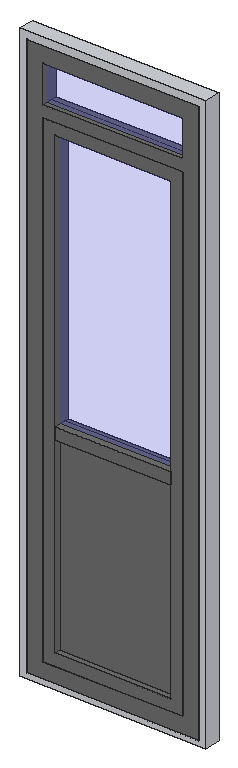
Revit family "AVLN_Балконный блок", category Окна, Revit 2021
Family settings
  Основа = Стена
  Номер OmniClass = 23.30.20.00
  Заголовок OmniClass = Windows
  Всегда вертикально = Да
  При загрузке вырезать с полостями = Нет
  Общий = Нет
  Точка принадлежности помещению = Нет
Parameters (values of type "П_800")
  Ширина среднействорки = 400 mm
  Ширина рамы двери = 50 mm
  Ширина рамы = 70 mm
  Ширина окна = 1800 mm
  Ширина импоста = 50 mm
  Четверть слева/справа = 50 mm
  Четверть окна снизу = 50 mm
  Четверть низ = 0 mm  # constant formula
  Черверть верх = 50 mm
  Фрамуга_Ширина = Width - (Монтажный зазор * 2 + Ширина рамы * 2)  # 600 mm
  Фрамуга_Высота = Height - (Дверь_Высота + Монтажный зазор_Снизу + Монтажный зазор + Ширина рамы * 2 + Ширина импоста)  # 160 mm
  Толщина основы [instance] = 300 mm
  Створка_толщина = 25 mm  # constant formula
  Rough Width = Width - Монтажный зазор * 2  # 740 mm
  Rough Height = Height - Монтажный зазор * 2  # 2440 mm
  Подстановочный профиль_Ширина = 20 mm  # constant formula
  Подстановочный профиль_Толщина = 50 mm
  Подоконник_Толщина = 20 mm
  Подоконник_Длина = Ширина окна + Ширина рамы * 2 + Монтажный зазор  # 1970 mm
  Подоконник_Глубина = 190 mm
  Подоконник = no
  Отступ.доп.части_Н = Ширина окна + Ширина импоста  # 1850 mm
  Отступ.доп.части_В = Ширина окна + Ширина импоста + Монтажный зазор  # 1880 mm
  Отлив_Толщина = 1 mm  # constant formula
  Отлив_Длина = (Ширина окна + Ширина рамы * 2 + Монтажный зазор) - [Четверть слева/справа]  # 1920 mm
  Отлив_Глубина = 200 mm
  Отлив = no
  Открывание фрамуга = АВЛН_Створка открывная : Створка глухая
  Открывание окно = АВЛН_Створка открывная : Створка глухая
  Откос_Н.Ширина = ADSK_Размер_Ширина - 2 * [Четверть слева/справа]  # 700 mm
  Откос_Н.Толщина.8 = 32 mm
  Откос_Н.Толщина.7 = 28 mm
  Откос_Н.Толщина.6 = 24 mm
  Откос_Н.Толщина.5 = 20 mm
  Откос_Н.Толщина.4 = 16 mm
  Откос_Н.Толщина.3 = 12 mm
  Откос_Н.Толщина.2 = 8 mm
  Откос_Н.Толщина.1 = 4 mm
  Откос_Н.Отступ_П = ADSK_Размер_Высота - (Монтажный зазор + 2 * Ширина рамы + Высота окна)  # 130 mm
  Откос_Н.Отступ_Л = Монтажный зазор  # 30 mm
  Откос_Н.Отступ от уровня = Монтажный зазор  # 30 mm
  Откос_Н.Количество слоев = 0
  Откос_Н.Глубина = 150 mm  # constant formula
  Откос_Н.Высота = ADSK_Размер_Высота - Черверть верх  # 2450 mm
  Откос_В.Толщина.8 = 32 mm
  Откос_В.Толщина.7 = 28 mm
  Откос_В.Толщина.6 = 24 mm
  Откос_В.Толщина.5 = 20 mm
  Откос_В.Толщина.4 = 16 mm
  Откос_В.Толщина.3 = 12 mm
  Откос_В.Толщина.2 = 8 mm
  Откос_В.Толщина.1 = 4 mm
  Откос_В.Количество слоев = 0
  Откос_В.Глубина = 130 mm
  Откос.Отступ_П [instance] = ADSK_Размер_Высота - (Монтажный зазор + 2 * Ширина рамы + Высота окна)  # 130 mm
  Откос.Отступ_Л [instance] = 0 mm
  Определить тепловые свойства по = Тип схем
  Монтажный зазор_Снизу = 20 mm
  Монтажный зазор = 30 mm
  М.Стекла = Стекло
  М.Рамы = AVLN_Материал импоста_RAL 7024
  М.Подоконный профиль = Рама
  М.Подоконник = none
  М.Откос_Н.8 = none
  М.Откос_Н.7 = none
  М.Откос_Н.6 = none
  М.Откос_Н.5 = none
  М.Откос_Н.4 = none
  М.Откос_Н.3 = none
  М.Откос_Н.2 = none
  М.Откос_Н.1 = Штукатурка наружных откосов
  М.Откос_В.8 = none
  М.Откос_В.7 = none
  М.Откос_В.6 = none
  М.Откос_В.5 = none
  М.Откос_В.4 = none
  М.Откос_В.3 = none
  М.Откос_В.2 = none
  М.Откос_В.1 = Штукатурка внутренних откосов
  М.Монтажного зазора = none
  Type Comments = ""
  Ипост высота = 900 mm
  Дверь_Ширина = 740 mm
  Дверь_Высота = 2100 mm
  Дверь.Открывание.Право = yes
  Дверь.Открывание.Лево = not(Дверь.Открывание.Право)  # no
  Дверь.Откидывание = yes
  Дверь заполнение = АВЛН_Дверь балконная : Глухое заполнение снизу
  Глубина вставки = 0 mm
  Высота установки ручки.Дверь = 900 mm
  Высота подоконника по умолчанию = 0 mm
  Высота окна = 2200 mm
  Height = 2500 mm
  Замыкание стены = По основе
  Width = 800 mm
  Аналитическая конструкция = "<Нет>"
  АВЛН_Площаль откосов наружных = (ADSK_Размер_Высота * 2 + ADSK_Размер_Ширина) * 150 mm  # 0.87 m²
  АВЛН_Площаль откосов внутренних = (ADSK_Размер_Высота * 2 + ADSK_Размер_Ширина) * 180 mm  # 1.044 m²
  ADSK_Этаж [instance] = ""
  ADSK_Размер_Ширина = Width  # 800 mm
  ADSK_Размер_Высота = Height  # 2500 mm
  ADSK_Примечание [instance] = ""
  ADSK_Обозначение = "ГОСТ 30674-99 ГОСТ 30970-2014"
  ADSK_Номер секции [instance] = ""
  ADSK_Наименование = ""
  ADSK_Марка = "ДБ-1"
  ADSK_Группирование = ""
  30/90 = yes
  -----------Разрезка----------- = "-----------"  # constant formula
  -----------Профили----------- = "-----------"  # constant formula
  -----------Подоконник----------- = "-----------"  # constant formula
  -----------Отлив----------- = "-----------"  # constant formula
  -----------Откос----------- = "-----------"  # constant formula
  -----------Основные габариты----------- = "-----------"  # constant formula
  -----------Вставка----------- = "-----------"  # constant formula
Types (2, lengths in mm): name | Фрамуга_Высота | Монтажный зазор_Снизу | М.Стекла | Дверь.Открывание.Право | Дверь.Открывание.Лево | Дверь заполнение
  П_800 | 160 | 20 | Стекло | yes | no | АВЛН_Дверь балконная : Глухое заполнение снизу
  Л_800х2500(h) | 150 | 30 | AVLN_Остекление окон и дверей | no | yes | АВЛН_Дверь балконная : Заполнение стеклом разделенное
Reference planes
  plane 1 "По центру (Вперед/Назад)": y = 0
  plane 2 "По центру (Влево/Вправо)": x = 0
  plane 3 "Наружный": y = 150
  plane 4 "Внутренние": y = -150
  plane 5 "Окно": y = 150
  plane 6: y = 450
  plane 7: y = -450
  plane 8 "Внутренняя граница": y = 80
  plane 9 "336": x = 400
  plane 10 "339": z = 2500
  plane 11: z = 2470
  plane 12: x = 370
  plane 13: z = 20
  plane 14: x = 350
  plane 15: z = 1140
  plane 16: z = 2450
  plane 17 "340": z = 0
  plane 18: z = 2400
  plane 19: x = -300
  plane 20: x = -370
  plane 21: x = -400
  plane 22: x = -350
  plane 23 "343": x = 300
  plane 24: z = 2190
  plane 25: z = 90
  plane 26: z = 2240
  plane 27: z = 2320
Forms (mm)
  Extrusion 1, void
    sketch origin (0, 150, 0) x (1, 0, 0) y (0, 0, 1)
      loop
        line (400, 2500) -> (-400, 2500) -> (-400, 0) -> (400, 0) -> (400, 2500)
    from 0 to 600
  Extrusion 2, void
    sketch origin (-1890, 150, 0) x (-1, 0, 0) y (0, 0, -1)
      loop
        line (-1540, -2450) -> (-1540, 0) -> (-2240, 0) -> (-2240, -2450) -> (-1540, -2450)
    from -300 to 0
  Extrusion 3, solid, material "AVLN_Материал импоста_RAL 7024" <- "М.Рамы", detail levels medium+fine
    sketch origin (-1890, 150, 0) x (-1, 0, 0) y (0, 0, -1)
      loop
        line (-1520, -20) -> (-2260, -20) -> (-2260, -2470) -> (-1520, -2470) -> (-1520, -20)
      loop
        line (-2190, -90) -> (-2190, -2190) -> (-1590, -2190) -> (-1590, -90) -> (-2190, -90)
      loop
        line (-1590, -2400) -> (-1590, -2240) -> (-2190, -2240) -> (-2190, -2400) -> (-1590, -2400)
    from 0 to 70
  Extrusion 4, solid, material <- "М.Монтажного зазора", detail levels medium+fine
    sketch origin (-1890, -150, 0) x (-1, 0, 0) y (0, 0, -1)
      loop
        line (-2290, 0) -> (-2290, -2500) -> (-1490, -2500) -> (-1490, 0) -> (-2290, 0)
      loop
        line (-1520, -2470) -> (-1520, -20) -> (-2260, -20) -> (-2260, -2470) -> (-1520, -2470)
    from -300 to -230
Cuts and joins
  Extrusion 2 cuts Extrusion 3
  Extrusion 2 cuts Extrusion 4
Lines and regions (mm)
  reference lines
    curve 1: line (400, -150, 2215) -> (-350, -150, 2215)
    curve 2: line (400, -150, 990) -> (-350, -150, 990)
Text (mm)
  text "EXTERIOR" at (-1963.203, 1332.353, 0), in view "Опорный уровень"
  text "INTERIOR" at (-1981.466, -818.386, 0), in view "Опорный уровень"
  text "Наружный" at (0, 923.751, 2943.296), in view "Справа"
  text "Наружный" at (0, 1240.237, 2685.409), in view "Слева"
Dimensions and locks
  locked: plane 3 "Наружный" to host wall
  locked: plane 4 "Внутренние" to host wall
  "Глубина вставки": plane 5 "Окно" to plane 3 "Наружный"
  locked: plane 3 "Наружный" to plane 6 at 300
  locked: plane 7 to plane 4 "Внутренние" at 300
  "Ширина рамы": plane 5 "Окно" to plane 8 "Внутренняя граница"
  "Толщина основы": host wall to host wall
  "ADSK_Размер_Высота": level to plane 10 "339"
  "Монтажный зазор": plane 9 "336" to plane 12
  "Монтажный зазор": plane 11 to plane 10 "339"
  "Четверть слева/справа": plane 9 "336" to plane 14
  "Черверть верх": plane 16 to plane 10 "339"
  "Ширина рамы": plane 18 to plane 11
  "Монтажный зазор": plane 20 to plane 21
  "Ширина рамы": plane 19 to plane 20
  "Четверть слева/справа": plane 22 to plane 21
  "Ширина рамы": plane 12 to plane 23 "343"
  equal spacing: plane 23 "343", plane 2 "По центру (Влево/Вправо)", plane 19
  equal spacing: plane 24, plane 15, plane 25
  "Ширина рамы": plane 25 to plane 13
  "Ширина импоста": plane 26 to plane 24
  equal spacing: plane 26, curve 1, plane 24
  equal spacing: plane 18, plane 27, plane 26
  "Дверь_Высота": plane 24 to plane 25
  "Width": plane 9 "336" to plane 21
  level to plane 15 to plane 10 "339" = 1140 mm, 1360 mm
  "Монтажный зазор_Снизу": level to plane 13
  aligned and locked: plane 5 "Окно" to Extrusion 1
  aligned and locked: Extrusion 1 to plane 7
  aligned and locked: Extrusion 2 sketch curve to plane 14
  aligned and locked: plane 16 to Extrusion 2 sketch curve
  aligned and locked: Extrusion 2 sketch curve to plane 17 "340"
  aligned and locked: Extrusion 2 sketch curve to plane 22
  aligned and locked: Extrusion 3 sketch curve to plane 20
  aligned and locked: plane 13 to Extrusion 3 sketch curve
  aligned and locked: Extrusion 3 sketch curve to plane 12
  aligned and locked: plane 11 to Extrusion 3 sketch curve
  aligned and locked: Extrusion 3 sketch curve to plane 19
  aligned and locked: Extrusion 4 sketch curve to plane 9 "336"
  aligned and locked: Extrusion 4 sketch curve to plane 17 "340"
  aligned and locked: plane 21 to Extrusion 4 sketch curve
  aligned and locked: plane 10 "339" to Extrusion 4 sketch curve
  aligned and locked: Extrusion 4 sketch curve to plane 11
  aligned and locked: Extrusion 4 sketch curve to plane 12
  aligned and locked: plane 13 to Extrusion 4 sketch curve
  aligned and locked: Extrusion 4 sketch curve to plane 20
  aligned and locked: plane 23 "343" to Extrusion 3
  aligned and locked: Extrusion 3 to plane 25
  aligned and locked: curve 1 to plane 9 "336"
  aligned and locked: nested 4 to plane 12
  aligned and locked: nested 3 to plane 22
  aligned and locked: Extrusion 1 sketch curve to plane 10 "339"
  aligned and locked: plane 9 "336" to Extrusion 1 sketch curve
  aligned and locked: Extrusion 1 sketch curve to plane 17 "340"
  aligned and locked: plane 27 to nested 5
  aligned and locked: plane 21 to Extrusion 1 sketch curve
  aligned and locked: nested 4 to plane 8 "Внутренняя граница"
  aligned and locked: plane 8 "Внутренняя граница" to nested 3
  aligned and locked: Extrusion 2 to plane 5 "Окно"
  aligned and locked: Extrusion 3 to plane 8 "Внутренняя граница"
  aligned and locked: plane 5 "Окно" to Extrusion 3
  aligned and locked: plane 5 "Окно" to Extrusion 4
  aligned and locked: Extrusion 4 to plane 8 "Внутренняя граница"
  aligned and locked: Extrusion 2 to plane 22
  aligned and locked: plane 14 to Extrusion 2
  aligned and locked: plane 6 to Extrusion 2
  aligned and locked: plane 15 to nested 6
  aligned and locked: plane 2 "По центру (Влево/Вправо)" to nested 6
  aligned and locked: nested 7 to plane 2 "По центру (Влево/Вправо)"
  aligned and locked: plane 10 "339" to nested 7
Automatic sketch dimensions
  curve 2 to plane 9 "336" = 0 mm
  Extrusion 3 sketch curve to plane 23 "343" = 0 mm  (x2)
  Extrusion 3 sketch curve to plane 19 = 0 mm
  plane 24 to curve 1 = 25 mm
  Extrusion 3 sketch curve to plane 25 = 0 mm
  Extrusion 3 sketch curve to plane 24 = 0 mm
  Extrusion 3 sketch curve to plane 26 = 0 mm
  Extrusion 3 sketch curve to plane 18 = 0 mm
  curve 2 to plane 15 = 150 mm
  curve 1 to plane 22 = 0 mm
  curve 2 to plane 22 = 0 mm
Nested families
  nested 1: "AVLN_Откосы_R19" at (-1790, -100, 0), Ширина <- "ADSK_Размер_Ширина", Глубина <- "Откос_В.Глубина", Высота <- "ADSK_Размер_Высота", Высота от уровня <- "Высота подоконника по умолчанию", ADSK_Группирование <- "Type Comments", ADSK_Этаж <- "ADSK_Этаж", ADSK_Номер секции <- "ADSK_Номер секции", Материал_1 <- "М.Откос_В.1", Материал_2 <- "М.Откос_В.2", Материал_3 <- "М.Откос_В.3", Материал_4 <- "М.Откос_В.4", Материал_5 <- "М.Откос_В.5", Материал_6 <- "М.Откос_В.6", Материал_7 <- "М.Откос_В.7", Материал_8 <- "М.Откос_В.8", Толщина_1 <- "Откос_В.Толщина.1", Толщина_2 <- "Откос_В.Толщина.2", Толщина_3 <- "Откос_В.Толщина.3", Толщина_4 <- "Откос_В.Толщина.4", Толщина_5 <- "Откос_В.Толщина.5", Толщина_6 <- "Откос_В.Толщина.6", Толщина_7 <- "Откос_В.Толщина.7", Толщина_8 <- "Откос_В.Толщина.8", Количество слоев <- "Откос_В.Количество слоев", Отступ_Л <- "Откос.Отступ_П", Отступ_П <- "Откос.Отступ_Л", Отступ.доп.части <- "Отступ.доп.части_В", type "AVLN_Откосы_R19"
    with Ширина_8 576 mm, Ширина_7 632 mm, Ширина_6 680 mm, Ширина_5 720 mm, Ширина_4 752 mm, Ширина_3 776 mm, Ширина_2 792 mm, Ширина 800 mm, Толщина_8 32 mm, Толщина_7 28 mm, Толщина_6 24 mm, Толщина_5 20 mm, Толщина_4 16 mm, Толщина_3 12 mm, Толщина_2 8 mm, Толщина_1 4 mm, Отступ_П 0 mm, Отступ_Л 130 mm, Отступ.доп.части 1880 mm, Материал_8 none, Материал_7 none, Материал_6 none, Материал_5 none, Материал_4 none, Материал_3 none, Материал_2 none, Материал_1 Штукатурка внутренних откосов, Количество слоев 0, Глубина 130 mm, Высота_8 2388 mm, Высота_7 2416 mm, Высота_6 2440 mm, Высота_5 2460 mm, Высота_4 2476 mm, Высота_3 2488 mm, Высота_2 2496 mm, Высота.доп.части 0 mm, Высота от уровня 0 mm, Высота 2500 mm, Видимость_8 no, Видимость_7 no, Видимость_6 no, Видимость_5 no, Видимость_4 no, Видимость_3 no, Видимость_2 no, Видимость_1 no, Видимость.доп.части yes, ВД.8 no, ВД.7 no, ВД.6 no, ВД.5 no, ВД.4 no, ВД.3 no, ВД.2 no, ВД.1 no, ADSK_Этаж "", ADSK_Номер секции "", ADSK_Группирование ""
  nested 2: "AVLN_Откосы_R19" at (-1790, 100, 0), Ширина <- "Откос_Н.Ширина", Глубина <- "Откос_Н.Глубина", Высота <- "Откос_Н.Высота", Высота от уровня <- "Откос_Н.Отступ от уровня", ADSK_Группирование <- "Type Comments", ADSK_Этаж <- "ADSK_Этаж", ADSK_Номер секции <- "ADSK_Номер секции", Материал_1 <- "М.Откос_Н.1", Материал_2 <- "М.Откос_Н.2", Материал_3 <- "М.Откос_Н.3", Материал_4 <- "М.Откос_Н.4", Материал_5 <- "М.Откос_Н.5", Материал_6 <- "М.Откос_Н.6", Материал_7 <- "М.Откос_Н.7", Материал_8 <- "М.Откос_Н.8", Толщина_1 <- "Откос_Н.Толщина.1", Толщина_2 <- "Откос_Н.Толщина.2", Толщина_3 <- "Откос_Н.Толщина.3", Толщина_4 <- "Откос_Н.Толщина.4", Толщина_5 <- "Откос_Н.Толщина.5", Толщина_6 <- "Откос_Н.Толщина.6", Толщина_7 <- "Откос_Н.Толщина.7", Толщина_8 <- "Откос_Н.Толщина.8", Количество слоев <- "Откос_Н.Количество слоев", Отступ_Л <- "Откос_Н.Отступ_П", Отступ_П <- "Откос_Н.Отступ_Л", Отступ.доп.части <- "Отступ.доп.части_Н", type "AVLN_Откосы_R19"
    with Ширина_8 476 mm, Ширина_7 532 mm, Ширина_6 580 mm, Ширина_5 620 mm, Ширина_4 652 mm, Ширина_3 676 mm, Ширина_2 692 mm, Ширина 700 mm, Толщина_8 32 mm, Толщина_7 28 mm, Толщина_6 24 mm, Толщина_5 20 mm, Толщина_4 16 mm, Толщина_3 12 mm, Толщина_2 8 mm, Толщина_1 4 mm, Отступ_П 30 mm, Отступ_Л 130 mm, Отступ.доп.части 1850 mm, Материал_8 none, Материал_7 none, Материал_6 none, Материал_5 none, Материал_4 none, Материал_3 none, Материал_2 none, Материал_1 Штукатурка наружных откосов, Количество слоев 0, Глубина 150 mm, Высота_8 2338 mm, Высота_7 2366 mm, Высота_6 2390 mm, Высота_5 2410 mm, Высота_4 2426 mm, Высота_3 2438 mm, Высота_2 2446 mm, Высота.доп.части 0 mm, Высота от уровня 30 mm, Высота 2450 mm, Видимость_8 no, Видимость_7 no, Видимость_6 no, Видимость_5 no, Видимость_4 no, Видимость_3 no, Видимость_2 no, Видимость_1 no, Видимость.доп.части yes, ВД.8 no, ВД.7 no, ВД.6 no, ВД.5 no, ВД.4 no, ВД.3 no, ВД.2 no, ВД.1 no, ADSK_Этаж "", ADSK_Номер секции "", ADSK_Группирование ""
  nested 3: "АС-Обозначение на плане двупольная" at (-350, 80, 0) x (-1, 0, 0) z (0, 0, 1), Коробка.Толщина <- "Ширина рамы", Коробка.Ширина <- "Ширина импоста", Rough Width <- "Дверь_Ширина", Height <- "Дверь_Высота", visible <- "Дверь.Открывание.Лево", type "АС-Стандарт"
    with Width 791 mm, built-in parameter 1001302 50 mm, Rough Width 740 mm, Монтажный зазор.Ширина сбоку 1 mm, Коробка.Ширина 50 mm, Коробка.Толщина 70 mm, Height 2100 mm
  nested 4: "АС-Обозначение на плане двупольная" at (370, 80, 0), Коробка.Толщина <- "Ширина рамы", Коробка.Ширина <- "Ширина импоста", Rough Width <- "Дверь_Ширина", Height <- "Дверь_Высота", visible <- "Дверь.Открывание.Право", type "АС-Стандарт"
    with Width 791 mm, built-in parameter 1001302 50 mm, Rough Width 740 mm, Монтажный зазор.Ширина сбоку 1 mm, Коробка.Ширина 50 mm, Коробка.Толщина 70 mm, Height 2100 mm
  nested 5: "АВЛН_Створка открывная" at (0, 80, 2320) x (1, 0, 0) z (0, 1, 0), Створка высота <- "Фрамуга_Высота", Створка ширина <- "Фрамуга_Ширина", Ширина рамы <- "Створка_толщина", type <- "Открывание фрамуга", Материал_Рама <- "М.Рамы", Материал_Стеклопакет <- "М.Стекла", Материал_Ручки <- "М.Рамы", type "Створка глухая", detail levels medium+fine
    with Ширина рамы 25 mm, Створка ширина 600 mm, Створка высота 160 mm, Материал_Стеклопакет Стекло, Материал_Ручки AVLN_Материал импоста_RAL 7024, Материал_Рама AVLN_Материал импоста_RAL 7024
  nested 6: "АВЛН_Дверь балконная" at (0, 150, 1140) x (-1, 0, 0) z (0, -1, 0), Дверь высота <- "Дверь_Высота", Дверь ширина <- "Фрамуга_Ширина", Ручка высота <- "Высота установки ручки.Дверь", Импост высота <- "Ипост высота", Импост ширина <- "Ширина импоста", Корбка толщина <- "Ширина рамы двери", type <- "Дверь заполнение", Правая <- "Дверь.Открывание.Лево", Левая <- "Дверь.Открывание.Право", Откидная <- "Дверь.Откидывание", М.ПП <- "М.Рамы", М.Р <- "М.Рамы", М.С <- "М.Стекла", type "Глухое заполнение снизу", detail levels medium+fine
    with Ручка высота 900 mm, Правая no, Откидная yes, М.С Стекло, М.Р AVLN_Материал импоста_RAL 7024, М.ПП AVLN_Материал импоста_RAL 7024, Левая yes, Корбка толщина 50 mm, Импост ширина 50 mm, Импост высота 900 mm, Дверь ширина 600 mm, Дверь высота 2100 mm, Width 740 mm
  nested 7: "AVLN_Обозначение проема" at (0, 150, 1250) x (0, 0, -1) z (0, -1, 0), ADSK_Размер_Высота <- "ADSK_Размер_Ширина", ADSK_Размер_Ширина <- "ADSK_Размер_Высота", type "AVLN_Обозначение проема", detail levels coarse
    with ADSK_Размер_Ширина 2500 mm, ADSK_Размер_Высота 800 mm
Definition of nested family "АВЛН_Створка открывная"
  Parameters (values of type "Створка повороно-откидная правая")
    Ширина рамы [instance] = 50 mm
    Width = 600 mm
    Створка ширина [instance] = 800 mm
    Створка высота [instance] = 700 mm
    Материал_Стеклопакет [instance] = none
    Поворотная Правая = yes
    Поворотная Левая = no
    Default Elevation = 1219.2 mm
    Открываная = yes
    Откидная = yes
    Материал_Ручки [instance] = none
    Материал_Рама [instance] = none
    Левая = yes
    Глухое = no
    Height = 1150 mm
    Analytic Construction = "<Нет>"
  Types (6, lengths in mm): name | Width | Поворотная Правая | Поворотная Левая | Открываная | Откидная | Глухое | Height
    Створка повороно-откидная правая | 600 | yes | no | yes | yes | no | 1150
    Створка повороно-откидная левая | 600 | no | yes | yes | yes | no | 1150
    Створка глухая | 600 | no | no | no | no | yes | 1150
    Створка откидная | 1300 | no | no | yes | yes | no | 1700
    Створка поворотная правая | 600 | yes | no | yes | no | no | 1150
    Створка поворотная левая | 600 | no | yes | yes | no | no | 1150
  Reference planes
    plane 1 "По центру (Вперед/Назад)": y = 0
    plane 2 "Внутрення грань": z = 0
    plane 3 "По центру (Влево/Вправо)": x = 0
    plane 4: y = 350
    plane 5: x = 400
    plane 6: y = -350
    plane 7: x = -400
    plane 8 "Наружняя грань": z = 60.433
    plane 9 "По центру Л/Р": z = 30.216
  Forms (mm)
    Extrusion 1, solid
      sketch origin (0, 0, 0) x (1, 0, 0) y (0, 1, 0)
        loop
          line (-1219.2, 1219.2) -> (-1219.2, -1219.2) -> (1219.2, -1219.2) -> (1219.2, 1219.2) -> (-1219.2, 1219.2)
      from 0 to -304.8
    Sweep 2, solid, material <- "Материал_Рама", visible <- "Открываная"
      path origin (0, 0, 0) x (1, 0, 0) y (0, 1, 0)
        loop
          line (400, 350) -> (-400, 350) -> (-400, -350) -> (400, -350) -> (400, 350)
      profile origin (0, 350, 0) x (0, -1, 0) y (0, 0, 1)
        loop
          line (0, 0) -> (50, 0) -> (50, 60.433) -> (0, 60.433) -> (0, 0)
    Extrusion 3, solid, material <- "Материал_Стеклопакет", visible <- "Открываная"
      sketch origin (0, 0, 0) x (1, 0, 0) y (0, 1, 0)
        loop
          line (-350, 300) -> (-350, -300) -> (350, -300) -> (350, 300) -> (-350, 300)
      from 17.481 to 42.952
    Extrusion 4, solid, material <- "Материал_Стеклопакет", visible <- "Глухое"
      sketch origin (0, 0, 0) x (1, 0, 0) y (0, 1, 0)
        loop
          line (-400, 350) -> (-400, -350) -> (400, -350) -> (400, 350) -> (-400, 350)
      from 17.481 to 42.952
  Lines and regions (mm)
    model lines, visible <- "Глухое", detail levels medium+fine
      curve 1: line (0, 50, 60.433) -> (0, -50, 60.433)
      curve 2: line (50, 0, 60.433) -> (-50, 0, 60.433)
      curve 17: line (0, 50, 0) -> (0, -50, 0)
      curve 18: line (50, 0, 0) -> (-50, 0, 0)
    model lines, visible <- "Глухое", not visible, detail levels medium+fine
      curve 3: line (60, 38.001, 60.433) -> (60, -61.999, 60.433)
      curve 4: line (110, -11.999, 60.433) -> (10, -11.999, 60.433)
    model lines, visible <- "Поворотная Правая", detail levels medium+fine
      curve 5: line (400, 350, 0) -> (-400, 0, 0)
      curve 6: line (400, -350, 0) -> (-400, 0, 0)
      curve 13: line (400, 350, 60.433) -> (-400, 0, 60.433)
      curve 14: line (400, -350, 60.433) -> (-400, 0, 60.433)
    model lines, visible <- "Откидная", detail levels medium+fine
      curve 7: line (-400, -350, 0) -> (0, 350, 0)
      curve 8: line (0, 350, 0) -> (400, -350, 0)
      curve 15: line (-400, -350, 60.433) -> (0, 350, 60.433)
      curve 16: line (0, 350, 60.433) -> (400, -350, 60.433)
    model lines, visible <- "Поворотная Левая", detail levels medium+fine
      curve 9: line (-400, 350, 0) -> (400, 0, 0)
      curve 10: line (-400, -350, 0) -> (400, 0, 0)
      curve 11: line (-400, 350, 60.433) -> (400, 0, 60.433)
      curve 12: line (-400, -350, 60.433) -> (400, 0, 60.433)
  Dimensions and locks
    "Створка высота": plane 4 to plane 6
    "Створка ширина": plane 7 to plane 5
    equal spacing: plane 7, plane 3 "По центру (Влево/Вправо)", plane 5
    equal spacing: plane 6, plane 1 "По центру (Вперед/Назад)", plane 4
    plane 2 "Внутрення грань" to plane 8 "Наружняя грань" = 60.433 mm
    level to Extrusion 4 = 42.952 mm
    plane 8 "Наружняя грань" to level = 60.433 mm
    equal spacing: Extrusion 3, plane 9 "По центру Л/Р", Extrusion 3
    equal spacing: plane 8 "Наружняя грань", plane 9 "По центру Л/Р", level
    Extrusion 3 to Extrusion 3 = 25.471 mm
    "Ширина рамы": profile plane to Sweep 2 sketch curve
    equal spacing: Extrusion 4, plane 9 "По центру Л/Р", Extrusion 4, locked at 12.735 each
    locked: Extrusion 4 to Extrusion 4 at 25.471
    equal spacing: Sweep 2, nested 1, Sweep 2
    equal spacing: Sweep 2, nested 2, Sweep 2
    aligned and locked: plane 2 "Внутрення грань" to Extrusion 1
    aligned and locked: level to Extrusion 1
    aligned and locked: plane 4 to Sweep 2 sketch curve
    aligned and locked: plane 5 to Sweep 2 sketch curve
    aligned and locked: plane 6 to Sweep 2 sketch curve
    aligned and locked: Sweep 2 sketch curve to plane 7
    aligned and locked: Extrusion 3 sketch curve to Sweep 2  (x4)
    aligned and locked: Extrusion 4 sketch curve to Sweep 2  (x3)
    aligned and locked: Extrusion 4 sketch curve to plane 5
    aligned and locked: Sweep 2 sketch curve to plane 8 "Наружняя грань"
    aligned and locked: plane 6 to Extrusion 4
    aligned and locked: plane 4 to Extrusion 4
    aligned and locked: curve 2 to plane 1 "По центру (Вперед/Назад)"
    aligned and locked: curve 1 to plane 3 "По центру (Влево/Вправо)"
    aligned and locked: curve 18 to plane 1 "По центру (Вперед/Назад)"
    aligned and locked: curve 17 to plane 3 "По центру (Влево/Вправо)"
    aligned and locked: nested 2 to plane 1 "По центру (Вперед/Назад)"
    aligned and locked: nested 1 to plane 1 "По центру (Вперед/Назад)"
  Automatic sketch dimensions
    Extrusion 1 sketch curve to Extrusion 1 sketch curve = 2438.4 mm  (x2)
    plane 1 "По центру (Вперед/Назад)" to curve 5 = 0 mm
    curve 5 to plane 7 = 0 mm
    curve 9 to plane 4 = 0 mm
    curve 9 to plane 7 = 0 mm
    plane 6 to curve 7 = 0 mm
    curve 7 to plane 7 = 0 mm
    curve 7 to plane 3 "По центру (Влево/Вправо)" = 0 mm
    curve 6 to plane 5 = 0 mm
    plane 1 "По центру (Вперед/Назад)" to curve 9 = 0 mm
    curve 9 to plane 5 = 0 mm
    curve 5 to plane 4 = 0 mm
    curve 5 to plane 5 = 0 mm
    plane 6 to curve 8 = 0 mm
    curve 8 to plane 4 = 0 mm
    curve 11 to plane 4 = 0 mm
    curve 11 to plane 7 = 0 mm
    plane 6 to curve 15 = 0 mm
    curve 15 to plane 7 = 0 mm
    plane 1 "По центру (Вперед/Назад)" to curve 14 = 0 mm
    curve 14 to plane 7 = 0 mm
    curve 15 to plane 3 "По центру (Влево/Вправо)" = 0 mm
    plane 1 "По центру (Вперед/Назад)" to curve 11 = 0 mm
    curve 11 to plane 5 = 0 mm
    curve 14 to plane 5 = 0 mm
    curve 13 to plane 4 = 0 mm
    curve 13 to plane 5 = 0 mm
    plane 6 to curve 14 = 0 mm
    curve 15 to plane 4 = 0 mm
    plane 1 "По центру (Вперед/Назад)" to curve 2 = 0 mm
    curve 1 to plane 3 "По центру (Влево/Вправо)" = 0 mm
    curve 2 to plane 3 "По центру (Влево/Вправо)" = 50 mm
    plane 3 "По центру (Влево/Вправо)" to curve 2 = 50 mm
    plane 1 "По центру (Вперед/Назад)" to curve 1 = 50 mm
    curve 1 to plane 1 "По центру (Вперед/Назад)" = 50 mm
    curve 18 to curve 17 = 50 mm
    curve 17 to curve 18 = 50 mm
    plane 1 "По центру (Вперед/Назад)" to curve 17 = 50 mm
    curve 17 to plane 1 "По центру (Вперед/Назад)" = 50 mm
    Sweep 2 sketch curve to level = 0 mm
    Sweep 2 sketch curve to profile plane = 0 mm
  Nested families
    nested 1: "АВЛН_Ручка" at (375, 1040, 0) x (1, 0, 0) z (0, -1, 0), visible <- "Поворотная Левая", Материал дверной ручки <- "Материал_Рама", type "АВЛН_Ручка", detail levels fine
      with Материал дверной ручки none, Высота расположения дверной ручки 1040 mm
    nested 2: "АВЛН_Ручка" at (-375, 1040, 0) x (1, 0, 0) z (0, -1, 0), visible <- "Поворотная Правая", Материал дверной ручки <- "Материал_Рама", type "АВЛН_Ручка", detail levels fine
      with Материал дверной ручки none, Высота расположения дверной ручки 1040 mm
  Definition of nested family "АВЛН_Ручка"
    Parameters (values of type "АВЛН_Ручка")
      Default Elevation = 1219.2 mm
      Материал дверной ручки [instance] = none
      Высота расположения дверной ручки [instance] = 1040 mm
      Analytic Construction = "<Нет>"
      b = 25 mm
      a = 75 mm
    Reference planes
      plane 1 "По центру (Вперед/Назад)": y = 0
      plane 2: z = 0
      plane 3 "По центру (Влево/Вправо)": x = 0
      plane 4: z = 1040
      plane 5: x = 12.5
      plane 6: x = -12.5
      plane 7: z = 1002.5
      plane 8: z = 1077.5
      plane 9: y = -15
    Forms (mm)
      Extrusion 1, solid, material <- "Материал дверной ручки"
        sketch origin (0, 0, 2080) x (-1, 0, 0) y (0, 0, -1)
          loop
            arc (-2.5, 1077.5) -> (-9.571, 1074.571) -> (-12.5, 1067.5) r 10
            line (-12.5, 1067.5) -> (-12.5, 1012.5)
            arc (-12.5, 1012.5) -> (-9.571, 1005.429) -> (-2.5, 1002.5) r 10
            line (-2.5, 1002.5) -> (2.5, 1002.5)
            arc (2.5, 1002.5) -> (9.571, 1005.429) -> (12.5, 1012.5) r 10
            line (12.5, 1012.5) -> (12.5, 1067.5)
            arc (12.5, 1067.5) -> (9.571, 1074.571) -> (2.5, 1077.5) r 10
            line (2.5, 1077.5) -> (-2.5, 1077.5)
        from 0 to 15
      Sweep 2, solid, material <- "Материал дверной ручки"
        path origin (-1040, 0, 1040) x (0, 0, -1) y (0, 1, 0)
          loop
            line (0, -15) -> (0, -38.261)
            arc (0, -38.261) -> (-2.929, -45.332) -> (-10, -48.261) r 10
            line (-10, -48.261) -> (-130, -48.261)
        profile origin (-1040, -26.63, 1040) x (0, 0, -1) y (1, 0, 0)
          loop
            circle (0, 1040) r 8
    Dimensions and locks
      "Высота расположения дверной ручки": plane 4 to level
      "a": plane 7 to plane 8
      "b": plane 6 to plane 5
      plane 6 to plane 5 = 25 mm
      locked: plane 1 "По центру (Вперед/Назад)" to plane 9 at 15
      plane 7 to plane 8 = 75 mm
      aligned and locked: level to plane 2
      aligned and locked: Extrusion 1 sketch curve to plane 7
      aligned and locked: plane 5 to Extrusion 1 sketch curve
      aligned and locked: plane 8 to Extrusion 1 sketch curve
      aligned and locked: Extrusion 1 sketch curve to plane 6
      aligned and locked: Extrusion 1 to plane 1 "По центру (Вперед/Назад)"
    Automatic sketch dimensions
      Sweep 2 sketch curve to plane 9 = 0 mm
      plane 4 to Sweep 2 sketch curve = 10 mm
      plane 9 to Sweep 2 sketch curve = 23.261 mm
      Sweep 2 sketch curve to Sweep 2 sketch curve = 120 mm
      Sweep 2 sketch curve to profile plane = 0 mm
      profile plane to Sweep 2 sketch curve = 1040 mm
      Sweep 2 sketch curve to plane 4 = 0 mm
      plane 3 "По центру (Влево/Вправо)" to Extrusion 1 sketch curve = 2.5 mm  (x2)
      Extrusion 1 sketch curve to plane 3 "По центру (Влево/Вправо)" = 2.5 mm  (x2)
      radius of Sweep 2 sketch curve = 8 mm
Definition of nested family "АВЛН_Дверь балконная"
  Parameters (values of type "Заполнение стеклом сплошное")
    Width = 0 mm
    Стекло заполнение сверху = no
    Стекло сплошное заполнение = yes
    Ручка высота [instance] = 985 mm
    Правая [instance] = no
    Default Elevation = 0 mm
    Откидная [instance] = no
    М.С [instance] = none
    М.Р [instance] = none
    М.ПП [instance] = none
    Левая [instance] = no
    Корбка толщина [instance] = 25 mm
    Импост ширина [instance] = 50 mm
    Импост высота [instance] = 900 mm
    Импост = no
    Дверь ширина [instance] = 800 mm
    Дверь высота [instance] = 2100 mm
    Глухое заполнение снизу = no
    Height = 0 mm
    Analytic Construction = "<Нет>"
  Types (3, lengths in mm): name | Width | Стекло заполнение сверху | Стекло сплошное заполнение | Импост высота | Импост | Дверь ширина | Глухое заполнение снизу | Height
    Заполнение стеклом сплошное | 0 | no | yes | 900 | no | 800 | no | 0
    Глухое заполнение снизу | 860 | yes | no | 1050 | yes | 1050 | yes | 2100
    Заполнение стеклом разделенное | 800 | no | yes | 900 | yes | 800 | no | 2100
  Reference planes
    plane 1 "По центру (Вперед/Назад)": y = 0
    plane 2: z = 0
    plane 3 "По центру (Влево/Вправо)": x = 0
    plane 4: y = 1050
    plane 5 "Основание двери": y = -1050
    plane 6: x = 400
    plane 7: x = -400
    plane 8: y = -150
    plane 9: y = -125
    plane 10: y = -175
    plane 11: x = 375
    plane 12: y = -1025
    plane 13: x = -375
    plane 14: y = 1025
    plane 15: z = 70
    plane 16: y = -65
  Forms (mm)
    Extrusion 1, solid
      sketch origin (0, 0, 0) x (1, 0, 0) y (0, 1, 0)
        loop
          line (-1970, 1440) -> (-1970, -1672.46) -> (1957.193, -1672.46) -> (1957.193, 1440) -> (-1970, 1440)
      from 0 to -304.8
    Extrusion 2, solid, material <- "М.Р", visible <- "Импост", detail levels medium+fine
      sketch origin (-467.888, -159.945, 0) x (1, 0, 0) y (0, 1, 0)
        loop
          line (92.888, 34.945) -> (92.888, -15.055) -> (842.888, -15.055) -> (842.888, 34.945) -> (92.888, 34.945)
      from 0 to 70
    Extrusion 3, solid, material <- "М.Р", detail levels medium+fine
      sketch origin (-467.888, -61.043, 0) x (1, 0, 0) y (0, 1, 0)
        loop
          line (67.888, -988.957) -> (867.888, -988.957) -> (867.888, 1111.043) -> (67.888, 1111.043) -> (67.888, -988.957)
        loop
          line (92.888, 1086.043) -> (92.888, -963.957) -> (842.888, -963.957) -> (842.888, 1086.043) -> (92.888, 1086.043)
      from 0 to 70
    Extrusion 4, solid, material <- "М.С", visible <- "Стекло заполнение сверху", detail levels medium+fine
      sketch origin (1132.112, 87.618, 0) x (1, 0, 0) y (0, 1, 0)
        loop
          line (-1507.112, 937.382) -> (-1507.112, -212.618) -> (-757.112, -212.618) -> (-757.112, 937.382) -> (-1507.112, 937.382)
      from 20 to 45
    Extrusion 5, solid, material <- "М.Р", visible <- "Глухое заполнение снизу", detail levels medium+fine
      sketch origin (-489.421, 311.882, 0) x (1, 0, 0) y (0, 1, 0)
        loop
          line (114.421, -486.882) -> (114.421, -1336.882) -> (864.421, -1336.882) -> (864.421, -486.882) -> (114.421, -486.882)
      from 20 to 45
    Extrusion 6, solid, material <- "М.С", visible <- "Стекло сплошное заполнение", detail levels medium+fine
      sketch origin (932.112, 7.618, 0) x (1, 0, 0) y (0, 1, 0)
        loop
          line (-1307.112, 1017.382) -> (-1307.112, -1032.618) -> (-557.112, -1032.618) -> (-557.112, 1017.382) -> (-1307.112, 1017.382)
      from 20 to 45
  Lines and regions (mm)
    model lines, visible <- "Правая", detail levels medium+fine
      curve 1: line (375, 1025, 45) -> (-375, 0, 45)
      curve 2: line (375, -1025, 45) -> (-375, 0, 45)
      curve 9: line (375, 1025, 20) -> (-375, 0, 20)
      curve 10: line (375, -1025, 20) -> (-375, 0, 20)
    model lines, visible <- "Откидная", detail levels medium+fine
      curve 3: line (-375, -1025, 45) -> (0, 1025, 45)
      curve 4: line (0, 1025, 45) -> (375, -1025, 45)
      curve 11: line (-375, -1025, 20) -> (0, 1025, 20)
      curve 12: line (0, 1025, 20) -> (375, -1025, 20)
    model lines, visible <- "Левая", detail levels medium+fine
      curve 5: line (-375, 1025, 45) -> (375, 0, 45)
      curve 6: line (-375, -1025, 45) -> (375, 0, 45)
      curve 7: line (-375, 1025, 20) -> (375, 0, 20)
      curve 8: line (-375, -1025, 20) -> (375, 0, 20)
    symbolic lines, not visible, detail levels medium+fine
      curve 13: line (873.016, 510.662, 0) -> (1073.016, 510.662, 0)
      curve 14: line (973.016, 410.662, 0) -> (973.016, 610.662, 0)
      curve 15: line (2093.378, 460, 0) -> (2293.378, 460, 0)
      curve 16: line (2193.378, 360, 0) -> (2193.378, 560, 0)
      curve 17: line (-767.079, 635.2, 0) -> (-567.079, 635.2, 0)
      curve 18: line (-667.079, 535.2, 0) -> (-667.079, 735.2, 0)
  Dimensions and locks
    equal spacing: plane 7, plane 3 "По центру (Влево/Вправо)", plane 6
    equal spacing: plane 5 "Основание двери", plane 1 "По центру (Вперед/Назад)", plane 4
    "Дверь высота": plane 4 to plane 5 "Основание двери"
    "Дверь ширина": plane 7 to plane 6
    "Импост высота": plane 8 to plane 5 "Основание двери"
    equal spacing: plane 9, plane 8, plane 10
    "Импост ширина": plane 9 to plane 10
    "Корбка толщина": plane 4 to plane 14
    "Корбка толщина": plane 12 to plane 5 "Основание двери"
    "Корбка толщина": plane 11 to plane 6
    "Корбка толщина": plane 7 to plane 13
    Extrusion 6 to plane 15 = 25 mm
    locked: Extrusion 4 to plane 15 at 25
    plane 11 to plane 6 = 25 mm
    plane 7 to plane 13 = 25 mm
    "Ручка высота": plane 16 to plane 5 "Основание двери"
    aligned and locked: Extrusion 1 to plane 2
    aligned and locked: Extrusion 1 to level
    aligned and locked: plane 9 to Extrusion 2
    aligned and locked: Extrusion 2 to plane 10
    aligned and locked: plane 4 to Extrusion 3
    aligned and locked: Extrusion 3 to plane 14
    aligned and locked: plane 6 to Extrusion 3
    aligned and locked: Extrusion 3 to plane 11
    aligned and locked: Extrusion 3 to plane 5 "Основание двери"
    aligned and locked: plane 12 to Extrusion 3
    aligned and locked: Extrusion 3 to plane 7
    aligned and locked: plane 13 to Extrusion 3
    aligned and locked: plane 11 to Extrusion 2
    aligned and locked: Extrusion 2 to plane 13
    aligned and locked: plane 14 to Extrusion 6
    aligned and locked: Extrusion 6 to plane 13
    aligned and locked: Extrusion 6 to plane 12
    aligned and locked: plane 11 to Extrusion 6
    aligned and locked: plane 14 to Extrusion 4
    aligned and locked: Extrusion 4 to plane 13
    aligned and locked: plane 11 to Extrusion 4
    aligned and locked: Extrusion 4 to plane 9
    aligned and locked: plane 13 to curve 5
    aligned and locked: plane 14 to curve 5
    aligned and locked: plane 14 to curve 7
    aligned and locked: plane 13 to curve 7
    aligned and locked: plane 11 to curve 5
    aligned and locked: plane 1 "По центру (Вперед/Назад)" to curve 5
    aligned and locked: plane 11 to curve 7
    aligned and locked: plane 1 "По центру (Вперед/Назад)" to curve 7
    aligned and locked: Extrusion 3 to Extrusion 2
    aligned and locked: Extrusion 2 to level
    aligned and locked: Extrusion 3 to level
    aligned and locked: Extrusion 3 sketch curve to plane 11
    aligned and locked: Extrusion 3 sketch curve to plane 6
    aligned and locked: plane 7 to Extrusion 3 sketch curve
    aligned and locked: Extrusion 3 sketch curve to plane 13
    aligned and locked: Extrusion 3 sketch curve to plane 5 "Основание двери"
    aligned and locked: Extrusion 3 sketch curve to plane 12
    aligned and locked: Extrusion 3 sketch curve to plane 4
    aligned and locked: Extrusion 3 sketch curve to plane 14
    aligned and locked: Extrusion 4 sketch curve to plane 13
    aligned and locked: Extrusion 4 sketch curve to plane 14
    aligned and locked: Extrusion 4 sketch curve to plane 11
    aligned and locked: Extrusion 4 sketch curve to plane 9
    aligned and locked: Extrusion 6 sketch curve to plane 14
    aligned and locked: Extrusion 6 sketch curve to plane 12
    aligned and locked: Extrusion 6 sketch curve to plane 11
    aligned and locked: Extrusion 6 sketch curve to plane 13
    aligned and locked: Extrusion 2 sketch curve to plane 11
    aligned and locked: Extrusion 2 sketch curve to plane 13
    aligned and locked: Extrusion 2 sketch curve to plane 9
    aligned and locked: Extrusion 2 sketch curve to plane 10
    aligned and locked: Extrusion 5 sketch curve to plane 11
    aligned and locked: Extrusion 5 sketch curve to plane 10
    aligned and locked: Extrusion 5 sketch curve to plane 13
    aligned and locked: Extrusion 5 sketch curve to plane 12
  Automatic sketch dimensions
    Extrusion 1 sketch curve to Extrusion 1 sketch curve = 3927.193 mm
    Extrusion 1 sketch curve to Extrusion 1 sketch curve = 3112.46 mm
    curve 1 to plane 11 = 0 mm
    curve 2 to plane 11 = 0 mm
    curve 4 to plane 3 "По центру (Влево/Вправо)" = 0 mm
    plane 1 "По центру (Вперед/Назад)" to curve 1 = 0 mm
    curve 1 to plane 13 = 0 mm
    curve 6 to plane 12 = 0 mm
    curve 6 to plane 13 = 0 mm
    curve 1 to plane 14 = 0 mm
    curve 4 to plane 14 = 0 mm
    curve 4 to plane 12 = 0 mm
    curve 10 to plane 11 = 0 mm
    curve 9 to plane 11 = 0 mm
    curve 11 to plane 3 "По центру (Влево/Вправо)" = 0 mm
    curve 11 to plane 12 = 0 mm
    curve 11 to plane 13 = 0 mm
    plane 1 "По центру (Вперед/Назад)" to curve 10 = 0 mm
    curve 10 to plane 13 = 0 mm
    curve 11 to plane 14 = 0 mm
    curve 9 to plane 14 = 0 mm
    curve 10 to plane 12 = 0 mm
Definition of nested family "AVLN_Откосы_R19"
  Parameters (values of type "AVLN_Откосы_R19")
    Ширина_8 [instance] = Ширина_7 - Толщина_7 * 2  # 776 mm
    Ширина_7 [instance] = Ширина_6 - Толщина_6 * 2  # 832 mm
    Ширина_6 [instance] = Ширина_5 - Толщина_5 * 2  # 880 mm
    Ширина_5 [instance] = Ширина_4 - Толщина_4 * 2  # 920 mm
    Ширина_4 [instance] = Ширина_3 - Толщина_3 * 2  # 952 mm
    Ширина_3 [instance] = Ширина_2 - Толщина_2 * 2  # 976 mm
    Ширина_2 [instance] = Ширина - Толщина_1 * 2  # 992 mm
    Ширина [instance] = 1000 mm
    Толщина_8 [instance] = 32 mm
    Толщина_7 [instance] = 28 mm
    Толщина_6 [instance] = 24 mm
    Толщина_5 [instance] = 20 mm
    Толщина_4 [instance] = 16 mm
    Толщина_3 [instance] = 12 mm
    Толщина_2 [instance] = 8 mm
    Толщина_1 [instance] = 4 mm
    Отступ_П [instance] = 0 mm
    Отступ_Л [instance] = 0 mm
    Отступ.доп.части [instance] = 200 mm
    Default Elevation = 1219.2 mm
    Материал_8 [instance] = none
    Материал_7 [instance] = none
    Материал_6 [instance] = none
    Материал_5 [instance] = none
    Материал_4 [instance] = none
    Материал_3 [instance] = none
    Материал_2 [instance] = none
    Материал_1 [instance] = none
    Type Comments = ""
    Количество слоев [instance] = 8
    Глубина [instance] = 200 mm
    Высота_8 [instance] = Высота_7 - Толщина_7  # 1388 mm
    Высота_7 [instance] = Высота_6 - Толщина_6  # 1416 mm
    Высота_6 [instance] = Высота_5 - Толщина_5  # 1440 mm
    Высота_5 [instance] = Высота_4 - Толщина_4  # 1460 mm
    Высота_4 [instance] = Высота_3 - Толщина_3  # 1476 mm
    Высота_3 [instance] = Высота_2 - Толщина_2  # 1488 mm
    Высота_2 [instance] = Высота - Толщина_1  # 1496 mm
    Высота.доп.части [instance] = 200 mm
    Высота от уровня [instance] = 377.189 mm
    Высота [instance] = 1500 mm
    Видимость_8 [instance] = Количество слоев > 7  # yes
    Видимость_7 [instance] = Количество слоев > 6  # yes
    Видимость_6 [instance] = Количество слоев > 5  # yes
    Видимость_5 [instance] = Количество слоев > 4  # yes
    Видимость_4 [instance] = Количество слоев > 3  # yes
    Видимость_3 [instance] = Количество слоев > 2  # yes
    Видимость_2 [instance] = Количество слоев > 1  # yes
    Видимость_1 [instance] = Количество слоев > 0  # yes
    Видимость.доп.части [instance] = no
    ВД.8 [instance] = and(Видимость.доп.части, Видимость_8)  # no
    ВД.7 [instance] = and(Видимость.доп.части, Видимость_7)  # no
    ВД.6 [instance] = and(Видимость.доп.части, Видимость_6)  # no
    ВД.5 [instance] = and(Видимость.доп.части, Видимость_5)  # no
    ВД.4 [instance] = and(Видимость.доп.части, Видимость_4)  # no
    ВД.3 [instance] = and(Видимость.доп.части, Видимость_3)  # no
    ВД.2 [instance] = and(Видимость.доп.части, Видимость_2)  # no
    ВД.1 [instance] = and(Видимость.доп.части, Видимость_1)  # no
    ADSK_Этаж [instance] = ""
    ADSK_Номер секции [instance] = ""
    ADSK_Группирование [instance] = ""
  Reference planes
    plane 1 "По центру (Вперед/Назад)": y = 0
    plane 2: z = 0
    plane 3 "По центру (Влево/Вправо)": x = 0
    plane 4: y = 200
    plane 5: z = 377.189
  Dimensions and locks
    "Глубина": plane 4 to plane 1 "По центру (Вперед/Назад)"
    "Высота от уровня": plane 5 to level
    aligned and locked: level to plane 2
    aligned and locked: plane 3 "По центру (Влево/Вправо)" to nested 1
    aligned and locked: nested 1 to plane 1 "По центру (Вперед/Назад)"
    aligned and locked: plane 3 "По центру (Влево/Вправо)" to nested 2
    aligned and locked: nested 2 to plane 1 "По центру (Вперед/Назад)"
    aligned and locked: plane 3 "По центру (Влево/Вправо)" to nested 3
    aligned and locked: nested 3 to plane 1 "По центру (Вперед/Назад)"
    aligned and locked: plane 3 "По центру (Влево/Вправо)" to nested 4
    aligned and locked: nested 4 to plane 1 "По центру (Вперед/Назад)"
    aligned and locked: plane 3 "По центру (Влево/Вправо)" to nested 5
    aligned and locked: nested 5 to plane 1 "По центру (Вперед/Назад)"
    aligned and locked: plane 3 "По центру (Влево/Вправо)" to nested 6
    aligned and locked: nested 6 to plane 1 "По центру (Вперед/Назад)"
    aligned and locked: plane 3 "По центру (Влево/Вправо)" to nested 7
    aligned and locked: nested 7 to plane 1 "По центру (Вперед/Назад)"
    aligned and locked: plane 3 "По центру (Влево/Вправо)" to nested 8
    aligned and locked: nested 8 to plane 1 "По центру (Вперед/Назад)"
  Nested families
    nested 1: "Откос_R19" at (0, 100, 377.189), ADSK_Размер_Глубина <- "Глубина", built-in parameter 1001364 <- "Высота от уровня", ADSK_Группирование <- "ADSK_Группирование", ADSK_Номер секции <- "ADSK_Номер секции", ADSK_Этаж <- "ADSK_Этаж", visible <- "Видимость_1", Видимость <- "Видимость_1", Материал <- "Материал_1", ADSK_Размер_Высота <- "Высота", ADSK_Размер_Толщина <- "Толщина_1", ADSK_Размер_Ширина <- "Ширина", Отступ_Л <- "Отступ_Л", Отступ_П <- "Отступ_П", type "Откос_R19"
      with Площадь 0.80 m², Отступ_П 0 mm, Отступ_Л 0 mm, Материал none, Видимость yes, ADSK_Этаж "", ADSK_Размер_Ширина 1000 mm, ADSK_Размер_Толщина 4 mm, ADSK_Размер_Глубина 200 mm, ADSK_Размер_Высота 1500 mm, ADSK_Номер секции "", ADSK_Группирование ""
    nested 2: "Откос_R19" at (0, 100, 377.189), ADSK_Размер_Глубина <- "Глубина", built-in parameter 1001364 <- "Высота от уровня", ADSK_Группирование <- "ADSK_Группирование", ADSK_Номер секции <- "ADSK_Номер секции", ADSK_Этаж <- "ADSK_Этаж", visible <- "Видимость_2", Видимость <- "Видимость_2", Материал <- "Материал_2", ADSK_Размер_Высота <- "Высота_2", ADSK_Размер_Толщина <- "Толщина_2", ADSK_Размер_Ширина <- "Ширина_2", Отступ_Л <- "Отступ_Л", Отступ_П <- "Отступ_П", type "Откос_R19"
      with Площадь 0.7968 m², Отступ_П 0 mm, Отступ_Л 0 mm, Материал none, Видимость yes, ADSK_Этаж "", ADSK_Размер_Ширина 992 mm, ADSK_Размер_Толщина 8 mm, ADSK_Размер_Глубина 200 mm, ADSK_Размер_Высота 1496 mm, ADSK_Номер секции "", ADSK_Группирование ""
    nested 3: "Откос_R19" at (0, 100, 377.189), ADSK_Размер_Глубина <- "Глубина", built-in parameter 1001364 <- "Высота от уровня", ADSK_Группирование <- "ADSK_Группирование", ADSK_Номер секции <- "ADSK_Номер секции", ADSK_Этаж <- "ADSK_Этаж", visible <- "Видимость_3", Видимость <- "Видимость_3", Материал <- "Материал_3", ADSK_Размер_Высота <- "Высота_3", ADSK_Размер_Толщина <- "Толщина_3", ADSK_Размер_Ширина <- "Ширина_3", Отступ_Л <- "Отступ_Л", Отступ_П <- "Отступ_П", type "Откос_R19"
      with Площадь 0.7904 m², Отступ_П 0 mm, Отступ_Л 0 mm, Материал none, Видимость yes, ADSK_Этаж "", ADSK_Размер_Ширина 976 mm, ADSK_Размер_Толщина 12 mm, ADSK_Размер_Глубина 200 mm, ADSK_Размер_Высота 1488 mm, ADSK_Номер секции "", ADSK_Группирование ""
    nested 4: "Откос_R19" at (0, 100, 377.189), ADSK_Размер_Глубина <- "Глубина", built-in parameter 1001364 <- "Высота от уровня", ADSK_Группирование <- "ADSK_Группирование", ADSK_Номер секции <- "ADSK_Номер секции", ADSK_Этаж <- "ADSK_Этаж", visible <- "Видимость_4", Видимость <- "Видимость_4", Материал <- "Материал_4", ADSK_Размер_Высота <- "Высота_4", ADSK_Размер_Толщина <- "Толщина_4", ADSK_Размер_Ширина <- "Ширина_4", Отступ_Л <- "Отступ_Л", Отступ_П <- "Отступ_П", type "Откос_R19"
      with Площадь 0.7808 m², Отступ_П 0 mm, Отступ_Л 0 mm, Материал none, Видимость yes, ADSK_Этаж "", ADSK_Размер_Ширина 952 mm, ADSK_Размер_Толщина 16 mm, ADSK_Размер_Глубина 200 mm, ADSK_Размер_Высота 1476 mm, ADSK_Номер секции "", ADSK_Группирование ""
    nested 5: "Откос_R19" at (0, 100, 377.189), ADSK_Размер_Глубина <- "Глубина", built-in parameter 1001364 <- "Высота от уровня", ADSK_Группирование <- "ADSK_Группирование", ADSK_Номер секции <- "ADSK_Номер секции", ADSK_Этаж <- "ADSK_Этаж", visible <- "Видимость_5", Видимость <- "Видимость_5", Материал <- "Материал_5", ADSK_Размер_Высота <- "Высота_5", ADSK_Размер_Толщина <- "Толщина_5", ADSK_Размер_Ширина <- "Ширина_5", Отступ_Л <- "Отступ_Л", Отступ_П <- "Отступ_П", type "Откос_R19"
      with Площадь 0.768 m², Отступ_П 0 mm, Отступ_Л 0 mm, Материал none, Видимость yes, ADSK_Этаж "", ADSK_Размер_Ширина 920 mm, ADSK_Размер_Толщина 20 mm, ADSK_Размер_Глубина 200 mm, ADSK_Размер_Высота 1460 mm, ADSK_Номер секции "", ADSK_Группирование ""
    nested 6: "Откос_R19" at (0, 100, 377.189), ADSK_Размер_Глубина <- "Глубина", built-in parameter 1001364 <- "Высота от уровня", ADSK_Группирование <- "ADSK_Группирование", ADSK_Номер секции <- "ADSK_Номер секции", ADSK_Этаж <- "ADSK_Этаж", visible <- "Видимость_6", Видимость <- "Видимость_6", Материал <- "Материал_6", ADSK_Размер_Высота <- "Высота_6", ADSK_Размер_Толщина <- "Толщина_6", ADSK_Размер_Ширина <- "Ширина_6", Отступ_Л <- "Отступ_Л", Отступ_П <- "Отступ_П", type "Откос_R19"
      with Площадь 0.752 m², Отступ_П 0 mm, Отступ_Л 0 mm, Материал none, Видимость yes, ADSK_Этаж "", ADSK_Размер_Ширина 880 mm, ADSK_Размер_Толщина 24 mm, ADSK_Размер_Глубина 200 mm, ADSK_Размер_Высота 1440 mm, ADSK_Номер секции "", ADSK_Группирование ""
    nested 7: "Откос_R19" at (0, 100, 377.189), ADSK_Размер_Глубина <- "Глубина", built-in parameter 1001364 <- "Высота от уровня", ADSK_Группирование <- "ADSK_Группирование", ADSK_Номер секции <- "ADSK_Номер секции", ADSK_Этаж <- "ADSK_Этаж", visible <- "Видимость_7", Видимость <- "Видимость_7", Материал <- "Материал_7", ADSK_Размер_Высота <- "Высота_7", ADSK_Размер_Толщина <- "Толщина_7", ADSK_Размер_Ширина <- "Ширина_7", Отступ_Л <- "Отступ_Л", Отступ_П <- "Отступ_П", type "Откос_R19"
      with Площадь 0.7328 m², Отступ_П 0 mm, Отступ_Л 0 mm, Материал none, Видимость yes, ADSK_Этаж "", ADSK_Размер_Ширина 832 mm, ADSK_Размер_Толщина 28 mm, ADSK_Размер_Глубина 200 mm, ADSK_Размер_Высота 1416 mm, ADSK_Номер секции "", ADSK_Группирование ""
    nested 8: "Откос_R19" at (0, 100, 377.189), ADSK_Размер_Глубина <- "Глубина", built-in parameter 1001364 <- "Высота от уровня", ADSK_Группирование <- "ADSK_Группирование", ADSK_Номер секции <- "ADSK_Номер секции", ADSK_Этаж <- "ADSK_Этаж", visible <- "Видимость_8", Видимость <- "Видимость_8", Материал <- "Материал_8", ADSK_Размер_Высота <- "Высота_8", ADSK_Размер_Толщина <- "Толщина_8", ADSK_Размер_Ширина <- "Ширина_8", Отступ_Л <- "Отступ_Л", Отступ_П <- "Отступ_П", type "Откос_R19"
      with Площадь 0.7104 m², Отступ_П 0 mm, Отступ_Л 0 mm, Материал none, Видимость yes, ADSK_Этаж "", ADSK_Размер_Ширина 776 mm, ADSK_Размер_Толщина 32 mm, ADSK_Размер_Глубина 200 mm, ADSK_Размер_Высота 1388 mm, ADSK_Номер секции "", ADSK_Группирование ""
  Definition of nested family "Откос_R19"
    Parameters (values of type "Откос_R19")
      Площадь [instance] = (ADSK_Размер_Ширина + 2 * ADSK_Размер_Высота) * ADSK_Размер_Глубина  # 2.93564 m²
      Отступ_П [instance] = 0 mm
      Отступ_Л [instance] = 0 mm
      Материал [instance] = none
      Model = "Внутренний слой откоса"  # constant formula
      Видимость [instance] = yes
      ADSK_Этаж [instance] = ""
      ADSK_Размер_Ширина [instance] = 1880 mm
      ADSK_Размер_Толщина [instance] = 164.158 mm
      ADSK_Размер_Глубина [instance] = 560 mm
      ADSK_Размер_Высота [instance] = 1681.106 mm
      ADSK_Примечание = ""
      ADSK_Обозначение = ""
      ADSK_Номер секции [instance] = ""
      ADSK_Наименование = ""
      ADSK_Марка = ""
      ADSK_Группирование [instance] = ""
    Reference planes
      plane 1 "По центру (Вперед/Назад)": y = 0
      plane 2: z = 0
      plane 3 "По центру (Влево/Вправо)": x = 0
      plane 4: x = -940
      plane 5: x = 940
      plane 6: y = 280
      plane 7: y = -280
      plane 8: x = -775.842
      plane 9: z = 1681.106
      plane 10: z = 0
      plane 11: z = 0
    Forms (mm)
      Sweep 1, solid, material <- "Материал", visible <- "Видимость"
        path origin (0, 0, 0) x (1, 0, 0) y (0, 0, 1)
          loop
            line (940, 0) -> (940, 1681.106) -> (-940, 1681.106) -> (-940, 0)
        profile origin (-940, 0, 840.553) x (0, -1, 0) y (1, 0, 0)
          loop
            line (-280, 0) -> (280, 0) -> (280, 164.158) -> (-280, 164.158) -> (-280, 0)
    Dimensions and locks
      equal spacing: plane 6, plane 1 "По центру (Вперед/Назад)", plane 7
      equal spacing: plane 4, plane 3 "По центру (Влево/Вправо)", plane 5
      "ADSK_Размер_Толщина": plane 4 to plane 8
      "ADSK_Размер_Глубина": plane 6 to plane 7
      "ADSK_Размер_Высота": plane 9 to level
      "ADSK_Размер_Ширина": plane 5 to plane 4
      "Отступ_Л": plane 10 to level
      "Отступ_П": plane 11 to level
      aligned and locked: level to plane 2
      aligned and locked: Sweep 1 sketch curve to plane 4
      aligned and locked: Sweep 1 sketch curve to plane 9
      aligned and locked: Sweep 1 sketch curve to plane 5
      aligned and locked: plane 6 to Sweep 1 sketch curve
      aligned and locked: profile plane to Sweep 1 sketch curve
      aligned and locked: Sweep 1 sketch curve to plane 7
      aligned and locked: plane 8 to Sweep 1 sketch curve
      aligned and locked: plane 10 to Sweep 1 sketch curve
      aligned and locked: plane 11 to Sweep 1 sketch curve
Definition of nested family "АС-Обозначение на плане двупольная"
  Parameters (values of type "АС-Стандарт")
    Открывание двери 90 = not(Открывание двери 30)  # no
    Открывание двери 30 = yes
    Монтажный зазор.Ширина сбоку [instance] = 20 mm
    Линия открывания (дуга) = not(Открывание двери 30)  # no
    Коробка.Ширина [instance] = 40 mm
    Коробка.Толщина [instance] = 80 mm
    Width [instance] = Rough Width + Коробка.Ширина + Монтажный зазор.Ширина сбоку  # 960 mm
    Thickness [instance] = 40 mm
    Rough Width [instance] = 900 mm
    Height [instance] = 2100 mm
    Default Elevation = 0 mm
    Analytic Construction = "<Нет>"
  Reference planes
    plane 1 "Center (Front/Back)": y = 0
    plane 2: z = 0
    plane 3 "Center (Left/Right)": x = 0
    plane 4 "Полотно справа": x = -20
    plane 5 "Полотно. Внутренняя сторона": y = -40
    plane 6 "Коробка. Внутренняя сторона": y = -80
    plane 7 "Коробка.Внутренняя сторона слева": x = -960
    plane 8 "Коробка. Внутренняя сторона справа": x = -60
  Lines and regions (mm)
    Masking region 1, detail levels fine
      outline origin (0, 0, 0) x (1, 0, 0) y (0, 1, 0)
        loop
          line (0, -80) -> (0, 0) -> (-20, 0) -> (-20, -80) -> (0, -80)
    Masking region 2, detail levels fine
      outline origin (0, 0, 0) x (1, 0, 0) y (0, 1, 0)
        loop
          line (-20, 0) -> (-60, 0) -> (-60, -40) -> (-70, -40) -> (-70, -80) -> (-20, -80) -> (-20, 0)
    Masking region 3, visible <- "Открывание двери 90", detail levels fine
      outline origin (0, 0, 0) x (1, 0, 0) y (0, 1, 0)
        loop
          line (-60, 0) -> (-60, 900) -> (-100, 900) -> (-100, 0) -> (-60, 0)
    Masking region 4, visible <- "Открывание двери 30", detail levels fine
      outline origin (0, 0, 0) x (1, 0, 0) y (0, 1, 0)
        loop
          line (-60, 0) -> (-839.423, 450) -> (-859.423, 415.359) -> (-80, -34.641) -> (-60, 0)
    symbolic lines, visible <- "Открывание двери 30", detail levels coarse+medium
      curve 1: line (0, 0, 0) -> (-831.384, 480, 0)
    symbolic lines, visible <- "Открывание двери 90", detail levels coarse+medium
      curve 2: line (0, 0, 0) -> (0, 960, 0)
    symbolic lines, visible <- "Линия открывания (дуга)", detail levels coarse+medium
      curve 3: arc (0, 960, 0) -> (-678.823, 678.823, 0) -> (-960, 0, 0) r 960
    symbolic lines, visible <- "Линия открывания (дуга)", detail levels fine
      curve 4: arc (-960, 0, 0) -> (-696.396, 636.396, 0) -> (-60, 900, 0) r 900
    model lines
      curve 5: line (0, 0, 0) -> (0, 0, 2100)
  Dimensions and locks
    "Thickness": plane 1 "Center (Front/Back)" to plane 5 "Полотно. Внутренняя сторона"
    plane 1 "Center (Front/Back)" to plane 6 "Коробка. Внутренняя сторона" = 80 mm
    "Коробка.Толщина": plane 6 "Коробка. Внутренняя сторона" to plane 1 "Center (Front/Back)"
    "Rough Width": plane 7 "Коробка.Внутренняя сторона слева" to plane 8 "Коробка. Внутренняя сторона справа"
    "Width": curve 1 to curve 1
    "Width": plane 1 "Center (Front/Back)" to curve 2
    locked: Masking region 2 sketch curve to Masking region 2 sketch curve at 10
    "Rough Width": plane 1 "Center (Front/Back)" to Masking region 3 sketch curve
    "Thickness": Masking region 3 sketch curve to plane 8 "Коробка. Внутренняя сторона справа"
    "Rough Width": Masking region 4 sketch curve to Masking region 4 sketch curve
    "Thickness": Masking region 4 sketch curve to Masking region 4 sketch curve
    "Height": curve 5 to level
    "Монтажный зазор.Ширина сбоку": plane 4 "Полотно справа" to plane 3 "Center (Left/Right)"
    "Коробка.Ширина": plane 8 "Коробка. Внутренняя сторона справа" to plane 4 "Полотно справа"
    "Width": radius of curve 3
    "Rough Width": radius of curve 4
    locked: curve 1 to plane 1 "Center (Front/Back)" (angle 30.00°)
    locked: Masking region 4 sketch curve to plane 1 "Center (Front/Back)" (angle 30.00°)
    aligned and locked: level to plane 2
    aligned and locked: plane 1 "Center (Front/Back)" to curve 2
    aligned and locked: plane 6 "Коробка. Внутренняя сторона" to Masking region 1 sketch curve
    aligned and locked: plane 1 "Center (Front/Back)" to Masking region 1 sketch curve
    aligned and locked: plane 4 "Полотно справа" to Masking region 1 sketch curve
    aligned and locked: Masking region 2 sketch curve to plane 4 "Полотно справа"
    aligned and locked: Masking region 2 sketch curve to plane 8 "Коробка. Внутренняя сторона справа"
    aligned and locked: Masking region 2 sketch curve to plane 6 "Коробка. Внутренняя сторона"
    aligned and locked: Masking region 2 sketch curve to plane 5 "Полотно. Внутренняя сторона"
    aligned and locked: Masking region 2 sketch curve to plane 1 "Center (Front/Back)"
    aligned and locked: plane 8 "Коробка. Внутренняя сторона справа" to curve 4
    aligned and locked: Masking region 2 to Masking region 3 sketch curve
    aligned and locked: Masking region 3 sketch curve to Masking region 2
    aligned and locked: plane 8 "Коробка. Внутренняя сторона справа" to Masking region 4 sketch curve
    aligned and locked: plane 2 to curve 5
    aligned and locked: plane 3 "Center (Left/Right)" to curve 5
    aligned and locked: Masking region 1 sketch curve to plane 3 "Center (Left/Right)"
    aligned and locked: plane 3 "Center (Left/Right)" to curve 2
  Automatic sketch dimensions
    plane 1 "Center (Front/Back)" to Masking region 4 sketch curve = 0 mm
Definition of nested family "AVLN_Обозначение проема"
  Parameters (values of type "AVLN_Обозначение проема")
    Длина [instance] = 200 mm
    ADSK_Размер_Ширина [instance] = 1200 mm
    ADSK_Размер_Высота [instance] = 1800 mm
  Reference planes
    plane 1 "По центру (Вперед/Назад)": y = 0
    plane 2: z = 0
    plane 3 "По центру (Влево/Вправо)": x = 0
    plane 4: y = 900
    plane 5: y = -900
    plane 6: x = 600
    plane 7: x = -600
    plane 8: x = -400
    plane 9: y = 700
  Lines and regions (mm)
    Masking region 1, in view "Опорный уровень"
      outline origin (0, 0, 0) x (1, 0, 0) y (0, 1, 0)
        loop
          line (600, 900) -> (-400, 700) -> (-600, -900) -> (600, -900) -> (600, 900)
    Filled region 1, type "Сплошная заливка - Черный", in view "Опорный уровень"
      outline origin (0, 0, 0) x (1, 0, 0) y (0, 1, 0)
        loop
          line (600, 900) -> (-600, 900) -> (-600, -900) -> (-400, 700) -> (600, 900)
  Dimensions and locks
    equal spacing: plane 4, plane 1 "По центру (Вперед/Назад)", plane 5
    equal spacing: plane 7, plane 3 "По центру (Влево/Вправо)", plane 6
    "ADSK_Размер_Высота": plane 4 to plane 5
    "ADSK_Размер_Ширина": plane 7 to plane 6
    "Длина": plane 7 to plane 8
    "Длина": plane 4 to plane 9
    aligned and locked: plane 6 to Masking region 1 sketch curve
    aligned and locked: Masking region 1 sketch curve to plane 5
    aligned and locked: plane 4 to Filled region 1 sketch curve
    aligned and locked: Filled region 1 sketch curve to plane 7
    aligned and locked: plane 5 to Filled region 1 sketch curve
    aligned and locked: Masking region 1 sketch curve to Filled region 1  (x2)
    aligned and locked: plane 8 to Filled region 1 sketch curve
    aligned and locked: plane 9 to Filled region 1 sketch curve
  Automatic sketch dimensions
    Filled region 1 sketch curve to plane 6 = 0 mm
